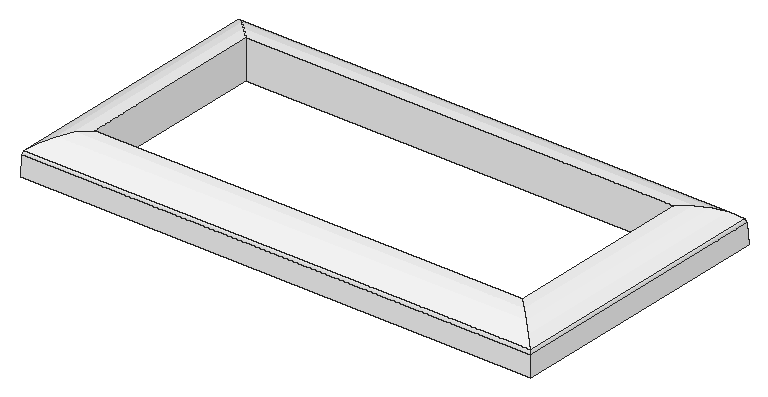
Revit family "Gira_100203", category Electrical Fixtures, host Face, Revit 2017
Family settings
  Host = Face
  Maintain Annotation Orientation = No
  Round Connector Dimension = Use Diameter
  Part Type = Normal
  Cut with Voids When Loaded = No
  Shared = No
  Room Calculation Point = No
Parameters (values of type "Abdeckrahmen 2f o.M. Standard 55 Reinweiß")
  Werkstoffgüte = "Thermoplast"
  Werkstoff = "Kunststoff"
  URL = "http://katalog.gira.de/de_DE/datenblatt.html?artikelnr=100203"
  Transparent = "No"
  Textfeld/Beschriftungsfläche = "No"
  Schutzart (IP) = "IP20"
  Region = "DE"
  RAL-Nummer (ähnlich) = "9010 "
  Oberfläche = "sonstige"
  Name = "Abdeckrahmen 2f o.M. Standard 55 Reinweiß"
  Montagerichtung = "horizontal und vertikal"
  Mit Montagerahmen = "No"
  Mit Klappdeckel = "No"
  Manufacturer URL = "https://www.gira.de/"
  Keynote = "Std55_Rahmen_2fach o. Mittelsteg"
  HeinzeBIM = "https://bimportal.heinze.de/bim/abdeckrahmen-2f-o-m-standard-55-reinweiss/eaaa49f1161d745268bbc41feb7d3367b3363149"
  Halogenfrei = "Yes"
  HAN = "100203"
  Geeignet für Unterputz-Installation = "Yes"
  Geeignet für Unterflurkanaldose = "No"
  Geeignet für Geräteeinbaukanal = "No"
  Geeignet für Einbauinstallation = "No"
  GTIN = "4010337001607"
  Farbe = "weiß"
  Default Elevation = 1219.2 mm
  Data sheet (1) = "https://katalog.gira.de/de_DE/download.html?artikelnr=100203"
  Category = "Abdeckrahmen"
  Befestigungsart = "Klemmbefestigung"
  Available = "Yes"
  Ausführung der Oberfläche = "glänzend"
  Anzahl der Einheiten vertikal = "2 "
  Anzahl der Einheiten horizontal = "2 "
  Anzahl der Einheiten = "2 "
Reference planes
  plane 1 "Center (Front/Back)": y = 0
  plane 2: z = 0
  plane 3 "Center (Left/Right)": x = 0
  plane 4: y = -75.9
  plane 5: y = 75.9
  plane 6: x = -40.3
  plane 7: x = 40.3
Forms (mm)
  Sweep 1, solid, material "White", detail levels fine
    path origin (0, 0, 0) x (0, -1, 0) y (1, 0, 0)
      loop
        line (40.3, 75.9) -> (-40.3, 75.9) -> (-40.3, -75.9) -> (40.3, -75.9) -> (40.3, 75.9)
    profile origin (75.9, 0, 0) x (-1, 0, 0) y (0, 0, 1)
      loop
        arc (12.22, 11.373) -> (5.983, 10.294) -> (0.641, 6.901) r 16.145
        arc (0.641, 6.901) -> (0.395, 6.426) -> (0.309, 5.898) r 1.694
        line (0.309, 5.898) -> (0, 0) -> (12.319, 0) -> (12.22, 11.373)
  Extrusion 2, solid, material "White", detail levels coarse+medium
    sketch origin (0, 0, 0) x (0, -1, 0) y (1, 0, 0)
      loop
        line (40.3, 75.9) -> (-40.3, 75.9) -> (-40.3, -75.9) -> (40.3, -75.9) -> (40.3, 75.9)
    from 0 to 11.373
Dimensions and locks
  aligned and locked: plane 2 to host face
  aligned and locked: level to host face
